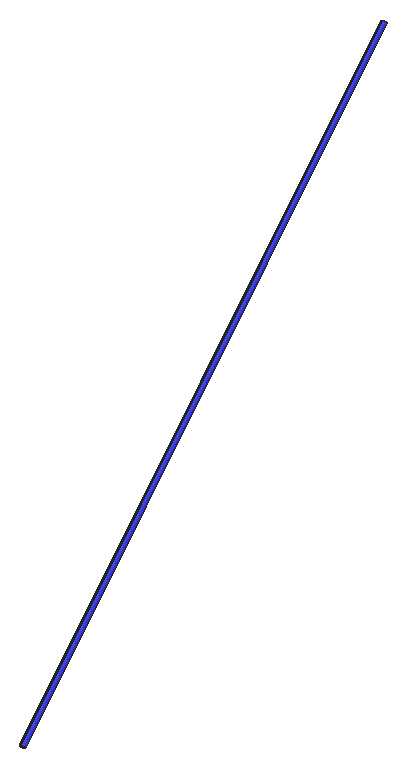
Revit family "Cup-Lock_Bracing", category Structural Stiffeners, Revit 2020
Family settings
  Work Plane-Based = No
  Always vertical = Yes
  Cut with Voids When Loaded = No
  Shared = No
Parameters
  W [instance] = 4000 mm
  Profile_Flipped [instance] = no
  Offest = 50 mm
  Bracing_Material = Aluminum- Blue
  H [instance] = 4000 mm
  Diagonal_L_Total [instance] = (roundup(Diagonal_L_Calculated / 500 mm)) * 500 mm  # 6000 mm
  Diagonal_L_Calculated [instance] = sqrt((W ^ 2) + (H ^ 2))  # 5656.854 mm
  Default Elevation = 0 mm
  Angle_a [instance] = atan(H / W)  # 45.00°
Reference planes
  plane 1 "Center (Front/Back)": y = 0
  plane 2: z = 0
  plane 3 "Center (Left/Right)": x = 0
  plane 4: z = 4000
  plane 5: y = -2000
  plane 6: y = 2000
  plane 7: z = 2000
Forms (mm)
  Sweep 1, solid, material "Aluminum- Blue" <- "Bracing_Material"
    path origin (0, 0, 0) x (0, 1, 0) y (0, 0, 1)
      loop
        line (2121.32, 4121.32) -> (-2121.32, -121.32)
    profile "Cup-Lock_Vertical-Ledgers_Profile : Cup-Lock_Vertical-Ledgers_Profile" origin (0, 0, 2000) x (0, 0.707107, -0.707107) y (1, 0, 0)
      loop
        circle (0, 50) r 24
      loop
        circle (0, 50) r 21
Lines and regions (mm)
  symbolic lines, style "StructuralStiffenerHiddenLines", not visible, detail levels coarse
    curve 1: line (0, 0, 2000) -> (0, 2545.584, 4545.584)
    curve 2: line (0, 0, 2000) -> (0, -707.107, 2707.107)
    curve 3: line (0, 0, 2000) -> (0, -2545.584, -545.584)
Dimensions and locks
  "H": plane 4 to level
  equal spacing: plane 4, plane 7, plane 2
  equal spacing: plane 6, plane 1 "Center (Front/Back)", plane 5
  "W": plane 6 to plane 5
  equal spacing: Sweep 1 sketch curve, curve 2, Sweep 1 sketch curve
  "Diagonal_L_Total": Sweep 1 sketch curve to Sweep 1 sketch curve
  angle plane 1 "Center (Front/Back)" to plane 4 = 90.00°
  "Angle_a": angle curve 1 to plane 4
  locked: curve 2 to curve 1 (angle 90.00°)
  locked: curve 3 to curve 2 (angle 90.00°)
  aligned and locked: level to plane 2
  aligned and locked: plane 1 "Center (Front/Back)" to curve 1
  aligned and locked: plane 7 to curve 1
  aligned and locked: Sweep 1 sketch curve to curve 3
